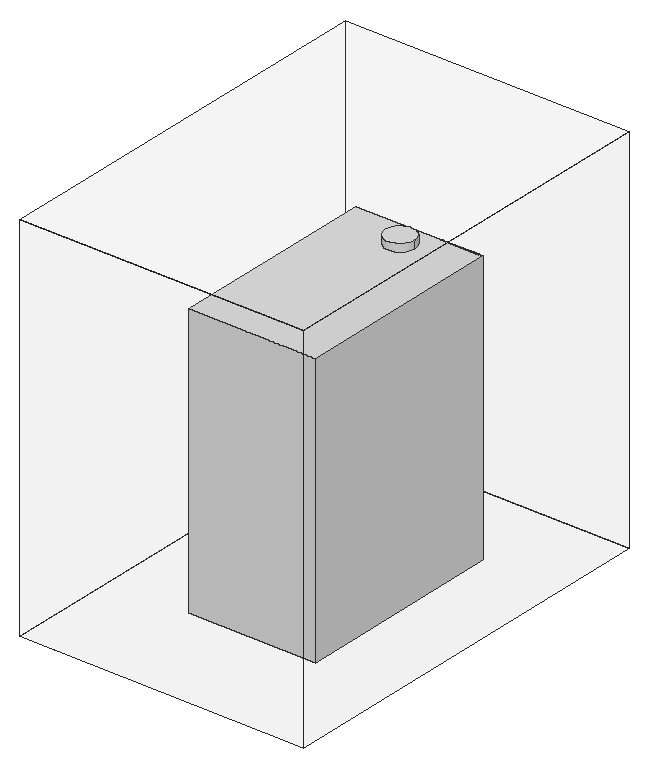
Revit family "1354887957SUPAflo_SF61_LOD200", category Mechanical Equipment, Revit 2014
Parameters (values of type "SF61")
  Weekly = ""
  Water Treatment Required = yes
  Water Content = 200.00 L
  Warranty ID = ""
  WRAS Approval = "1109044"  # constant formula
  Voltage = 240 V  # constant formula
  URL = "http://www.andrewswaterheaters.co.uk/index.htm"
  Type = "Direct fired hot water generation"  # constant formula
  Text Material = Paint - Black
  Supply Phase = "Single Phase"  # constant formula
  Starting Current = 0.74 A
  Standing Loss W = "6.96"  # constant formula
  Sound Pressure Level dBA = "49"
  Siphon Bush Pipe Diameter = 19.000 mm
  Shipping Weight = 178.00 kg
  Shape = "Rectangular (Vertical)"  # constant formula
  Secondary Return Connection Type = "Socket"  # constant formula
  Secondary Return Connection Size = 25.400 mm  # constant formula
  Safety Valve Connection Type = "Threaded"  # constant formula
  Safety Valve Connection Size = 28.000 mm  # constant formula
  Responsible Sourcing of Materials = ""
  Responsible Extraction Of Material = ""
  Reference Standard = "BSE 89"  # constant formula
  Recovery Rate litre/min = "8"
  Rated Output kW = "61"
  Rated Criteria = "80/60"  # constant formula
  Quarterly = ""
  Product Range = "MAXXflo"  # constant formula
  Product Model Number = "1109044"
  Product Literature = "http://www.andrewswaterheaters.co.uk/downloads/Product_range_guide.pdf"
  Overall Width [instance] = 602.000 mm  # constant formula
  Overall Length [instance] = 900.000 mm  # constant formula
  Overall Height [instance] = 1528.000 mm
  Oil Consumption Rate l/h = "0"  # constant formula
  O&M Manual = "http://www.andrewswaterheaters.co.uk/literature-library/current-products.htm"
  Nominal Oil Inlet Pressure mbar = "0"  # constant formula
  Nominal Gas Inlet Pressure = "21 mbar"  # constant formula
  NOx Emissions mg = 44 kWh  # constant formula
  Mounting = "Floor Standing"  # constant formula
  Monthly = ""
  Model = "30/200"
  Minimum Power Consumption = 0 W
  Minimum Oil Inlet Pressure mbar = "0"  # constant formula
  Minimum Gas Inlet Pressure mbar = "18"  # constant formula
  Min Operating Pressure = 1.00 bar  # constant formula
  Maximum Water Temperature = 70 °C
  Maximum Power Consumption = 170 W
  Maximum Oil Inlet Pressure mbar = "0"  # constant formula
  Maximum Gas Inlet Pressure mbar = "40"  # constant formula
  Max Operating Pressure When Unvented = 6.00 bar  # constant formula
  Max Operating Pressure When Open Vented = 6.00 bar  # constant formula
  Material Ingredient Reporting = ""
  Manufacturer = "Andrews Water Heaters"  # constant formula
  Maintenance Required 8001-12000hrs = ""
  Maintenance Required 601-1000hrs = ""
  Maintenance Required 40001-8000hrs = ""
  Maintenance Required 301-600hrs = ""
  Maintenance Required 2001-4000hrs = ""
  Maintenance Required 1001-2000hrs = ""
  Maintenance Required 0-300hrs = ""
  Location of Manufacturer-GridRef = ""
  Life Cycle Analysis = ""
  Interlocks = yes
  Insulation Type = "Polystyrene"  # constant formula
  Insulation Thickness = 50.000 mm  # constant formula
  Instrument Box Panel = Metal - Polished Silver
  IP Rating = "20"  # constant formula
  IK Rating = "1"
  Heating Circuit Flow Diameter = 32.000 mm
  Heater Operation = "Fully Condensing"  # constant formula
  Heat Up Time mins = "25"
  Heat Generator Thermal Efficiency = 109  # 10900%
  Heat Generator Load Profile = ""
  Heat Generator Efficiency = "98 %"  # constant formula
  Heat Exchanger Material = Stainless Steel
  Gross Weight = 155.00 kg
  Gross Input = "6.7 kW"
  Green Guide for Specification = ""
  Gas Consumption rate = 2.96 m³/h
  Gas Connection Pipe Diameter = 19.000 mm
  Fuse Rating = 170 A
  Full Load Current = 5 A  # constant formula
  Fuel Type = "Gas - NG"  # constant formula
  Fuel Connection Size = 19.050 mm  # constant formula
  Frequency = 50 Hz  # constant formula
  Flue or Air Intake Classification = "B23, C13, C33, C53 & C63"  # constant formula
  Flue Connection Type = "Socket"  # constant formula
  Flue Connection Standard = "80mm"  # constant formula
  Flow and Return Connection Type = "Threaded"  # constant formula
  Flow and Return Connection Size = 38.100 mm  # constant formula
  Finish = "Powder Coated Steel"  # constant formula
  Features = "Premix Forced Draught Condensing Water Heater"  # constant formula
  External Material = Steel
  Expected Life = "15 Years"  # constant formula
  ErP Energy Label ERP = ""
  Environmental Product Declaration = ""
  Energy Technology List ETL = ""
  Embodied Carbon kgCO2e = ""
  Drain Connection Type = "Threaded"  # constant formula
  Drain Connection Size = 28.000 mm  # constant formula
  Description = "Condensing Boiler"  # constant formula
  Default Elevation = 0.000 mm  # constant formula
  Daily = ""
  Control Type = "Internal"  # constant formula
  Control ThermostatRange = 5 °C
  Control Options = "Modulating"  # constant formula
  Continuous Output at 50 Degree Differential l/h = "480"
  Continuous Output at 44 Degree Differential l/h = "545"
  Configuration = "Single Boiler"  # constant formula
  Condensate Drain Type = "Plain"  # constant formula
  Condensate Drain Size = 40.000 mm  # constant formula
  Colour = "Blue (RAL 5011) & White (RAL 9016)"  # constant formula
  Clearence Box = Glass - Clear - Amber
  Clearance Box Visibility [instance] = yes
  Clean Out and Inspection Opening Type = "Flanged"  # constant formula
  Clean Out Cover and Inspection Opening Size = "Plain"  # constant formula
  CE Approval = "Yes - 0063BP3910"  # constant formula
  Burner Control Type = "Modulating"  # constant formula
  Bespoke Timeframe = ""
  BMS Links = yes
  Assembly Code = "D3020100"
  Annually = "As per attached URL O & M Manual"  # constant formula
  Air Supply = yes
  Air Intake Connector = "Air Intake Connection"  # constant formula
  Air Inlet Connection Size = 125.000 mm  # constant formula
  Access Clearance Top = 450.000 mm  # constant formula
  Access Clearance Right = 450.000 mm  # constant formula
  Access Clearance Rear = 450.000 mm  # constant formula
  Access Clearance Left = 450.000 mm  # constant formula
  Access Clearance Front = 800.000 mm  # constant formula
  Access Clearance Bottom = 0.000 mm  # constant formula
  6 Monthly = ""
Reference planes
  plane 1 "Center (Front/Back)": y = 0
  plane 2: z = 0
  plane 3 "Center (Left/Right)": x = 0
  plane 4: z = 0
  plane 5: x = -301
  plane 6: x = 301
  plane 7: y = 450
  plane 8: y = -450
  plane 9: z = 1528
  plane 10: z = 764
  plane 11: z = 1978
  plane 12: z = 0
  plane 13: x = -751
  plane 14: x = 751
  plane 15: y = 900
  plane 16: y = -1250
Forms (mm)
  Sweep 1, solid, material "Glass - Clear - Amber" <- "Clearence Box", visible <- "Clearance Box Visibility"
    path origin (-479.663, 637.513, 1117.176) x (1, 0, 0) y (0, 0, 1)
      loop
        line (479.663, 860.824) -> (479.663, -1117.176)
    profile origin (0, 637.513, 989) x (0, -1, 0) y (1, 0, 0)
      loop
        line (-262.487, -751) -> (1887.513, -751) -> (1887.513, 751) -> (-262.487, 751) -> (-262.487, -751)
Dimensions and locks
  equal spacing: plane 7, plane 1 "Center (Front/Back)", plane 8
  "Overall Length": plane 7 to plane 8
  equal spacing: plane 5, plane 3 "Center (Left/Right)", plane 6
  "Overall Width": plane 5 to plane 6
  "Overall Height": plane 9 to level
  equal spacing: plane 9, plane 10, level
  "Access Clearance Top": plane 11 to plane 9
  "Access Clearance Bottom": level to plane 12
  "Access Clearance Left": plane 5 to plane 13
  "Access Clearance Right": plane 6 to plane 14
  "Access Clearance Front": plane 16 to plane 8
  "Access Clearance Rear": plane 15 to plane 7
  aligned and locked: level to plane 2
  aligned and locked: plane 11 to Sweep 1 sketch curve
  aligned and locked: plane 12 to Sweep 1 sketch curve
  aligned and locked: Sweep 1 sketch curve to plane 3 "Center (Left/Right)"
  aligned and locked: Sweep 1 sketch curve to plane 13
  aligned and locked: Sweep 1 sketch curve to plane 16
  aligned and locked: plane 14 to Sweep 1 sketch curve
  aligned and locked: nested 1 to plane 7
  aligned and locked: plane 3 "Center (Left/Right)" to nested 1
  aligned and locked: Sweep 1 sketch curve to plane 15
Nested families
  nested 1: "SF61" at (0, 450, 0), type "SF61"
Connectors
  electrical at (212, 452, 1410), driven by "Voltage", driven by "Maximum Power Consumption"
    settings: on nested 1, index 1, voltage 240 V, apparent load 170 VA, apparent load phase1 0 VA, apparent load phase2 0 VA, apparent load phase3 0 VA, power factor 1, load classification "Power", number of poles 1, system type 30, power factor state 1, is connector primary yes, connector utility yes, sub classification motor yes, connector description "Electrical Connection"
  piping at (-225, 523, 1120), diameter 125
    settings: on nested 1, index 2, connector inside diameter 609.600 mm, connector length 0.000 mm, flow factor 0, pipe flow 0 GPM, pressure drop 0.00 bar, fitting loss kfactor 0, connector angle 0.00°, fixture units 0, engagement length 0.000 mm, angle of deflection 0.00°, flow configuration 0, flow direction 1, fitting loss method 0, system type 7, joint type 0, gender type 0, connector reference index -1, connector utility 1, adjustable connector no, is connector primary yes, connector description "Air Intake"
  piping at (129.914, 563, 903), diameter 50.8
    settings: on nested 1, index 4, connector inside diameter 609.600 mm, connector length 0.000 mm, flow factor 0, pipe flow 0 GPM, pressure drop 0.00 bar, fitting loss kfactor 0, connector angle 0.00°, fixture units 0, engagement length 0.000 mm, angle of deflection 0.00°, flow configuration 0, flow direction 1, fitting loss method 0, system type 7, joint type 0, gender type 0, connector reference index -1, connector utility 1, adjustable connector no, is connector primary no, connector description "Gas Supply"
  piping at (259.603, 501.5, 1175), diameter 19.05
    settings: on nested 1, index 5, connector inside diameter 609.600 mm, connector length 0.000 mm, flow factor 0, pipe flow 0 GPM, pressure drop 0.00 bar, fitting loss kfactor 0, connector angle 0.00°, fixture units 0, engagement length 0.000 mm, angle of deflection 0.00°, flow configuration 0, flow direction 1, fitting loss method 0, system type 19, joint type 0, gender type 0, connector reference index -1, connector utility 1, adjustable connector no, is connector primary no, connector description "Gas Supply"
  piping at (129.914, 562, 490.041), diameter 50.8
    settings: on nested 1, index 6, connector inside diameter 609.600 mm, connector length 0.000 mm, flow factor 0, pipe flow 0 GPM, pressure drop 0.00 bar, fitting loss kfactor 0, connector angle 0.00°, fixture units 0, engagement length 0.000 mm, angle of deflection 0.00°, flow configuration 0, flow direction 2, fitting loss method 0, system type 8, joint type 0, gender type 0, connector reference index -1, connector utility 1, adjustable connector no, is connector primary no, connector description "Water Return"
  piping at (0.676, 322.5, 1479.95), diameter 150
    settings: on nested 1, index 7, connector inside diameter 609.600 mm, connector length 0.000 mm, flow factor 0, pipe flow 0 GPM, pressure drop 0.00 bar, fitting loss kfactor 0, connector angle 0.00°, fixture units 0, engagement length 0.000 mm, angle of deflection 0.00°, flow configuration 0, flow direction 2, fitting loss method 0, system type 8, joint type 0, gender type 0, connector reference index -1, connector utility 1, adjustable connector no, is connector primary no, connector description "Flue Gas Outlet"
Definition of nested family "SF61"
  Parameters (values of type "SF61")
    Weight (Full) (kg) = 322
    URL = "http://www.andrewswaterheaters.co.uk/products_details.php?product=supaflo"
    Power Consumption (W) = 158
    Model = "SUPAflo SF61"
    Manufacturer = "Andrews Water Heaters"
    Hot Water Recovery (Thru 50ºC) (Litres/Hour) = 2430
    Efficiency (Gross) (%) = 93.6
    Description = "Condensing Water Heater"
  Reference planes
    plane 1 "Center (Front/Back)": y = 0
    plane 2: z = 0
    plane 3 "Center (Left/Right)": x = 0
    plane 4: y = 0
  Forms (mm)
    Revolve 1, solid, material "Andrews SUPAflo - Body"
      sketch origin (0.676, 0, 1175) x (1, 0, 0) y (0, 1, 0)
        loop
          line (258.927, 51.5) -> (258.927, 0) -> (271.877, 0) -> (271.877, 51.5) -> (258.927, 51.5)
        axis (258.927, 51.5) -> (258.927, 0)
      angle from 0 to 360
    Extrusion 2, solid, material "Andrews SUPAflo - Body"
      sketch origin (0, 0, 0) x (1, 0, 0) y (0, 1, 0)
        loop
          line (335, -1105) -> (335, 0) -> (-335, 0) -> (-335, -1105) -> (335, -1105)
      from 0 to 1440
    Extrusion 3, solid, material "Andrews SUPAflo - Body"
      sketch origin (-225, 73, 1120) x (1, 0, 0) y (0, 0, -1)
        loop
          circle (0, 0) r 65
      from -75 to 0
    Extrusion 4, solid, material "Andrews SUPAflo - Body"
      sketch origin (0, 0, 0) x (1, 0, 0) y (0, 1, 0)
        loop
          circle (0.676, -127.5) r 75
      from 1440 to 1479.95
    Extrusion 5, solid, material "Andrews SUPAflo - Body"
      sketch origin (-225, 73, 1120) x (1, 0, 0) y (0, 0, -1)
        loop
          circle (95.678, 509.1) r 25.711
      from -73 to 46
    Extrusion 6, solid, material "Andrews SUPAflo - Body"
      sketch origin (-225, 73, 1120) x (1, 0, 0) y (0, 0, -1)
        loop
          circle (354.914, 629.959) r 29.15
      from -73 to 39
    Extrusion 7, solid, material "Andrews SUPAflo - Body"
      sketch origin (-225, 73, 1120) x (1, 0, 0) y (0, 0, -1)
        loop
          circle (354.914, 217) r 29.15
      from -73 to 40
    Extrusion 8, solid, material "Andrews SUPAflo - Body"
      sketch origin (2000, 0, 0) x (-1, 0, 0) y (0, 0, 1)
        loop
          line (1688, 1440) -> (1688, 1380) -> (1888, 1380) -> (1888, 1440) -> (1688, 1440)
      from 0 to 2
  Cuts and joins
    joined: Revolve 1, Extrusion 2, Extrusion 3, Extrusion 4, Extrusion 5, Extrusion 6, Extrusion 7
  Dimensions and locks
    aligned and locked: level to plane 2
